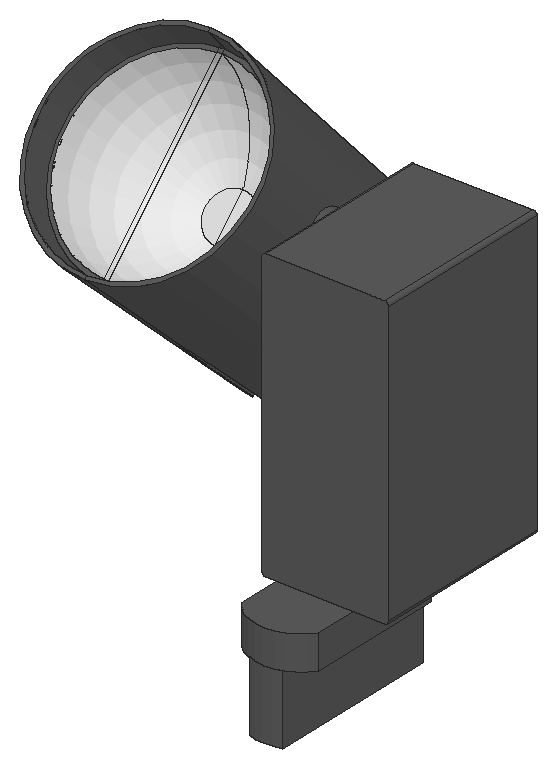
Revit family "0004895 Feilo Sylvania Lighting Fixture START TRACK SPOT S 14W 4K RA90 NB BLACK", category Lighting Fixtures, host Face, Revit 2017 (continued)
Definition of nested family "Start Track Spot Head"
  Types (96, lengths in mm): name | Wattage | built-in parameter 1150134 | Photometric Web File | Model | built-in parameter 1150105 | Lumens | built-in parameter 1150107 | built-in parameter 1150106 | HeadThickness_FEILO | HeadRibOffset_FEILO | HeadRibDepth_FEILO | HeadRibCutWidth_FEILO | HeadRibCutOffset_FEILO | HeadReflectorRadius_FEILO | HeadReflectorOffset_FEILO | HeadLEDRadius_FEILO | HeadHeight_FEILO | HeadDiffusorOffset_FEILO | HeadDiaOut_FEILO | HeadDiaIn_FEILO | HeadAxisFromTop_FEILO | Emit from Circle Diameter | built-in parameter 1150104 | Description | Apparent Load
    0004812 START TRACK SPOT S 14W 3K RA80 MB WHITE | 14 W | (empty or 0) | "0004812.ies" | "START TRACK SPOT S 14W 3K RA80 MB WHITE" | 120.32 (stored number, unit not read) | 1512 lm | 3000 (stored number, unit not read) | 1.2032 (stored number, unit not read) | 1.5 | 4.179 | 55.714 | 7.167 | 50.87 | 50.588 | 55.714 | 9.556 | 117 | 9.435 | 86 | 77.477 | 69.354 | 77.477 | 10.034 (stored number, unit not read) | "Integrated LED spotlight, Textured White - RAL9016, compact and minimalist design, ideal for retail applications, die-cast aluminium body, passive cooling heatsink. Beam angle: 36°, color temperature: 3000K , total system power: 14W, total fixture output: 1508 lm, LOR: 100%, colour rendering: Ra: 80 typical, LED Chromaticity: 3 step MacAdam ellipse, lifetime: >50000 hours at L70B50, energy class: A++, A+, A, IR/UV free light source without heat radiation, operating voltage: 220-240V / 50-60Hz, drive current: 350mA, electronic driver, non-dimmable, power factor: 0.92, electrical protection: Class II, Global Track 3 Phase adapter suitable for Global trac 3-circuit tracks, ingress protection rating: IP20, suitable for internal environment only, horizontal rotation: 355°, vertical tilt: 90°, dimensions: Ø86x140x200, weight: 0.940kg." | 14 VA
    0004811 START TRACK SPOT S 14W 3K RA80 NB WHITE | 14 W | (empty or 0) | "0004811.ies" | "START TRACK SPOT S 14W 3K RA80 NB WHITE" | 123.66 (stored number, unit not read) | 1554 lm | 3000 (stored number, unit not read) | 1.2366 (stored number, unit not read) | 1.5 | 4.179 | 55.714 | 7.167 | 50.87 | 50.588 | 55.714 | 9.556 | 117 | 9.435 | 86 | 77.477 | 69.354 | 77.477 | 10.312 (stored number, unit not read) | "Integrated LED spotlight, Textured White - RAL9016, compact and minimalist design, ideal for retail applications, die-cast aluminium body, passive cooling heatsink. Beam angle: 12°, color temperature: 3000K , total system power: 14W, total fixture output: 1551 lm, LOR: 100%, colour rendering: Ra: 80 typical, LED Chromaticity: 3 step MacAdam ellipse, lifetime: >50000 hours at L70B50, energy class: A++, A+, A, IR/UV free light source without heat radiation, operating voltage: 220-240V / 50-60Hz, drive current: 350mA, electronic driver, non-dimmable, power factor: 0.92, electrical protection: Class II, Global Track 3 Phase adapter suitable for Global trac 3-circuit tracks, ingress protection rating: IP20, suitable for internal environment only, horizontal rotation: 355°, vertical tilt: 90°, dimensions: Ø86x140x200, weight: 0.940kg." | 14 VA
  Reference planes
    plane 1 "Center (Front/Back)": y = 0
    plane 2: z = 0
    plane 3 "Center (Left/Right)": x = 0
    plane 4: x = 43
    plane 5: x = -43
    plane 6: x = -38.739
    plane 7: x = 38.739
    plane 8: z = 69.354
    plane 9: z = -47.646
    plane 10: x = -41.5
    plane 11: x = -37.239
    plane 12: z = -38.211
    plane 13: z = -35.211
    plane 14: z = 8.068
    plane 15: x = -9.556
    plane 16: x = -28.667
    plane 17: x = -19.111
    plane 18: x = -27.167
    plane 19: x = -17.611
    plane 20: x = -8.056
    plane 21: z = 13.64
    plane 22: x = -29.667
    plane 23: x = -26.167
    plane 24: x = -20.111
    plane 25: x = -16.611
    plane 26: x = -10.556
    plane 27: x = -7.056
    plane 28: x = -36.239
    plane 29: x = -40.5
    plane 30: z = 65.175
    plane 31: z = 60.997
    plane 32: z = 56.818
    plane 33: z = 18.484
    plane 34: y = -43
    plane 35: y = 43
    plane 36: y = 3.583
    plane 37: y = -3.583
    plane 38: y = -2.583
    plane 39: y = 2.583
    plane 40: y = 46
    plane 41: z = 13.5
    plane 42: z = -13.5
    plane 43: y = 39
    plane 44: x = 4.708
    plane 45: x = -2.458
    plane 46: x = -1.458
    plane 47: x = 1.458
  Forms (mm)
    Extrusion 1, solid
      sketch origin (4.2, 0, 0) x (1, 0, 0) y (0, 1, 0)
        loop
          line (-1219.2, 1219.2) -> (-1219.2, -1219.2) -> (1219.2, -1219.2) -> (1219.2, 1219.2) -> (-1219.2, 1219.2)
      from 0 to -68.017
    Revolve 2, solid, material <- "Material_1_FEILO", detail levels medium+fine
      sketch origin (0, 0, 0) x (1, 0, 0) y (0, 0, 1)
        loop
          line (-43, -47.646) -> (-41.5, -47.646) -> (-40.5, -35.211) -> (-38.739, -35.211)
          arc (-38.739, -35.211) -> (-30.16, -9.517) -> (-9.556, 8.068) r 50.588
          line (-9.556, 8.068) -> (0, 8.068) -> (0, 13.64) -> (-16.611, 13.64) -> (-17.611, 60.997) -> (-19.111, 60.997) -> (-20.111, 13.64) -> (-36.239, 13.64) -> (-37.239, 69.354) -> (-38.739, 69.354) -> (-43, -47.646)
        axis (0, 69.354) -> (0, -47.646)
      angle from 360 to 0
    Extrusion 3, void
      sketch origin (0, 0, 0) x (0, 1, 0) y (0, 0, 1)
        loop
          line (-3.583, 69.354) -> (-2.583, 18.484) -> (1.932, 18.484) -> (2.932, 69.354) -> (-3.583, 69.354)
      from 43 to -43
    Revolve 4, solid, material <- "Material_2_FEILO", detail levels medium+fine
      sketch origin (0, 0, 0) x (1, 0, 0) y (0, 0, 1)
        loop
          line (-41.5, -38.211) -> (0, -38.211) -> (0, -35.211) -> (-41.5, -35.211) -> (-41.5, -38.211)
        axis (0, -35.211) -> (0, -38.211)
      angle from 360 to 0
    Revolve 5, solid, material <- "Material_1_FEILO"
      sketch origin (0, 0, 0) x (0, 1, 0) y (0, 0, 1)
        loop
          line (46, 0) -> (39, 0) -> (39, -13.5) -> (46, -13.5) -> (46, 0)
        axis (39, 0) -> (46, 0)
      angle from 360 to 0
    Revolve 6, solid, material <- "Material_1_FEILO", detail levels medium+fine
      sketch origin (0, 0, 0) x (1, 0, 0) y (0, 0, 1)
        loop
          line (-29.667, 13.64) -> (-26.167, 13.64) -> (-27.167, 65.175) -> (-28.667, 65.175) -> (-29.667, 13.64)
        loop
          line (-10.556, 13.64) -> (-7.056, 13.64) -> (-7.833, 56.818) -> (-9.778, 56.818) -> (-10.556, 13.64)
        axis (0, 65.175) -> (0, 13.64)
      angle from 360 to 0
    Extrusion 7, void
      sketch origin (0, 0, 0) x (1, 0, 0) y (0, 0, 1)
        loop
          line (4.708, 69.354) -> (-2.458, 69.354) -> (-1.458, 13.64) -> (1.458, 13.64) -> (4.708, 69.354)
      from -43 to 43
    Revolve 8, solid, material <- "Material_1_FEILO", detail levels coarse
      sketch origin (0, 0, 0) x (1, 0, 0) y (0, 0, 1)
        loop
          line (0, 69.354) -> (-38.739, 69.354) -> (-43, -47.646) -> (-41.5, -47.646) -> (-40.731, -38.211) -> (0, -38.211) -> (0, 69.354)
        axis (0, 69.354) -> (0, -47.646)
      angle from 360 to 0
  Cuts and joins
    Extrusion 3 cuts Revolve 2
    Extrusion 7 cuts Revolve 6
  Dimensions and locks
    equal spacing: plane 7, plane 3 "Center (Left/Right)", plane 6
    equal spacing: plane 4, plane 3 "Center (Left/Right)", plane 5
    "HeadDiaOut_FEILO": plane 4 to plane 5
    "HeadDiaIn_FEILO": plane 7 to plane 6
    "HeadHeight_FEILO": plane 8 to plane 9
    "HeadThickness_FEILO": plane 10 to plane 5
    "HeadThickness_FEILO": plane 11 to plane 6
    "HeadDiffusorOffset_FEILO": plane 12 to plane 9
    "HeadDiffusorThickness_FEILO": plane 13 to plane 12
    "HeadReflectorOffset_FEILO": plane 14 to plane 9
    "HeadLEDRadius_FEILO": plane 3 "Center (Left/Right)" to plane 15
    "HeadLEDRadius_FEILO": plane 15 to plane 17
    "HeadLEDRadius_FEILO": plane 17 to plane 16
    "HeadThickness_FEILO": plane 18 to plane 16
    "HeadThickness_FEILO": plane 19 to plane 17
    "HeadThickness_FEILO": plane 20 to plane 15
    "HeadRibDepth_FEILO": plane 8 to plane 21
    "HeadDraft_FEILO": plane 16 to plane 22
    "HeadDraft_FEILO": plane 23 to plane 18
    "HeadDraft_FEILO": plane 17 to plane 24
    "HeadDraft_FEILO": plane 25 to plane 19
    "HeadDraft_FEILO": plane 15 to plane 26
    "HeadDraft_FEILO": plane 27 to plane 20
    "HeadDraft_FEILO": plane 29 to plane 10
    "HeadDraft_FEILO": plane 28 to plane 11
    "HeadRibOffset_FEILO": plane 8 to plane 30
    "HeadRibOffset_FEILO": plane 30 to plane 31
    "HeadRibOffset_FEILO": plane 31 to plane 32
    "HeadAxisFromTop_FEILO": plane 8 to plane 2
    "HeadRibCutOffset_FEILO": plane 8 to plane 33
    equal spacing: plane 34, plane 1 "Center (Front/Back)", plane 35
    "HeadDiaOut_FEILO": plane 34 to plane 35
    equal spacing: plane 38, plane 1 "Center (Front/Back)", plane 39
    equal spacing: plane 37, plane 1 "Center (Front/Back)", plane 36
    "HeadRibCutWidth_FEILO": plane 37 to plane 36
    "HeadDraft_FEILO": plane 37 to plane 38
    locked: plane 35 to plane 40 at 3
    equal spacing: plane 41, plane 2, plane 42
    locked: plane 42 to plane 41 at 27
    locked: plane 43 to plane 35 at 4
    equal spacing: plane 45, imposter light, plane 44
    "HeadDraft_FEILO": plane 46 to plane 45
    "HeadRibCutWidth_FEILO": plane 44 to plane 45
    equal spacing: plane 47, plane 3 "Center (Left/Right)", plane 46
    "HeadReflectorRadius_FEILO": radius of Revolve 2 sketch curve
    aligned and locked: plane 2 to Extrusion 1
    aligned and locked: level to Extrusion 1
    aligned and locked: Revolve 2 sketch curve to plane 3 "Center (Left/Right)"  (x2)
    aligned and locked: plane 9 to Revolve 2 sketch curve  (x2)
    aligned and locked: plane 5 to Revolve 2 sketch curve
    aligned and locked: plane 10 to Revolve 2 sketch curve
    aligned and locked: plane 14 to Revolve 2 sketch curve
    aligned and locked: plane 8 to Revolve 2 sketch curve
    aligned and locked: Revolve 2 sketch curve to plane 13
    aligned and locked: plane 12 to Revolve 4 sketch curve
    aligned and locked: plane 3 "Center (Left/Right)" to Revolve 4 sketch curve
    aligned and locked: Revolve 4 sketch curve to plane 10
    aligned and locked: Revolve 4 sketch curve to plane 3 "Center (Left/Right)"
    aligned and locked: plane 12 to imposter light
    aligned and locked: imposter light to plane 1 "Center (Front/Back)"
    aligned and locked: Revolve 5 sketch curve to plane 2
    aligned and locked: plane 43 to Revolve 5 sketch curve
    aligned and locked: plane 42 to Revolve 5 sketch curve
    aligned and locked: Revolve 6 sketch curve to plane 3 "Center (Left/Right)"
    aligned and locked: plane 22 to Revolve 6 sketch curve
    aligned and locked: plane 30 to Revolve 6 sketch curve
    aligned and locked: plane 23 to Revolve 6 sketch curve
    aligned and locked: Revolve 6 sketch curve to plane 21  (x2)
    aligned and locked: plane 21 to Revolve 6 sketch curve
    aligned and locked: plane 17 to Revolve 2 sketch curve
    aligned and locked: plane 19 to Revolve 2 sketch curve
    aligned and locked: plane 31 to Revolve 2 sketch curve
    aligned and locked: plane 21 to Revolve 2 sketch curve
    aligned and locked: Extrusion 3 to plane 8
    aligned and locked: plane 33 to Extrusion 3
    aligned and locked: plane 8 to Extrusion 3 sketch curve
    aligned and locked: Extrusion 3 sketch curve to plane 33
    aligned and locked: Extrusion 3 to plane 5
    aligned and locked: plane 4 to Extrusion 3
    aligned and locked: plane 32 to Revolve 6 sketch curve
    aligned and locked: plane 44 to Extrusion 7 sketch curve
    aligned and locked: Extrusion 7 sketch curve to plane 8
    aligned and locked: plane 46 to Extrusion 7 sketch curve
    aligned and locked: plane 21 to Extrusion 7 sketch curve
    aligned and locked: plane 34 to Extrusion 7
    aligned and locked: Extrusion 7 to plane 35
    aligned and locked: Revolve 4 sketch curve to plane 13
    aligned and locked: Revolve 5 sketch curve to plane 40
    aligned and locked: Revolve 8 sketch curve to plane 3 "Center (Left/Right)"
    aligned and locked: Revolve 8 sketch curve to cut or joined group of Revolve 2, Extrusion 3  (x3)
    aligned and locked: plane 5 to Revolve 8 sketch curve
    aligned and locked: plane 3 "Center (Left/Right)" to Revolve 8 sketch curve
    aligned and locked: plane 12 to Revolve 8 sketch curve
  Automatic sketch dimensions
    Extrusion 1 sketch curve to Extrusion 1 sketch curve = 2438.4 mm  (x2)
    Extrusion 3 sketch curve to plane 37 = 0 mm
    Extrusion 3 sketch curve to plane 38 = 0 mm
    plane 39 to Extrusion 3 sketch curve = 0.651 mm
    Extrusion 3 sketch curve to plane 39 = 0.349 mm
    Revolve 6 sketch curve to plane 16 = 0 mm
    Revolve 6 sketch curve to plane 18 = 0 mm
    Revolve 6 sketch curve to plane 26 = 0 mm
    Revolve 6 sketch curve to plane 27 = 0 mm
    Revolve 6 sketch curve to plane 15 = 0.222 mm
    plane 9 to Revolve 6 sketch curve = 559.103 mm
    Revolve 6 sketch curve to plane 8 = 2535.555 mm
    plane 20 to Revolve 6 sketch curve = 0.222 mm
    Revolve 2 sketch curve to plane 29 = 0 mm
    Revolve 2 sketch curve to plane 6 = 0 mm  (x2)
    Revolve 2 sketch curve to plane 11 = 0 mm
    Revolve 2 sketch curve to plane 21 = 0 mm
    Revolve 2 sketch curve to plane 28 = 0 mm
    Revolve 2 sketch curve to plane 24 = 0 mm
    Revolve 2 sketch curve to plane 25 = 0 mm
    Revolve 2 sketch curve to plane 15 = 0 mm
    Revolve 2 sketch curve to Revolve 2 sketch curve = 557.155 mm
    Revolve 2 sketch curve to plane 8 = 2535.558 mm
    Extrusion 7 sketch curve to plane 45 = 0 mm
    Extrusion 7 sketch curve to plane 47 = 0 mm
    plane 9 to Revolve 4 sketch curve = 559.103 mm
    Revolve 4 sketch curve to plane 8 = 2535.555 mm
    Revolve 5 sketch curve to level = 0 mm
    plane 34 to Revolve 5 sketch curve = 1968.092 mm
    Revolve 5 sketch curve to plane 40 = 1405.763 mm
    Revolve 8 sketch curve to plane 6 = 0 mm
    Revolve 8 sketch curve to plane 29 = 0.231 mm
    plane 9 to Revolve 8 sketch curve = 559.103 mm
    Revolve 8 sketch curve to Revolve 8 sketch curve = 2535.555 mm
Definition of nested family "Start Track Spot Box"
  Parameters (values of type "Type Large White")
    URL = "http://www.feilosylvania.com"
    Type Image = (empty or 0)
    Type Comments = "n/a"
    Small_FEILO = no
    Material_3_FEILO = none
    Model = ""
    Manufacturer = "Feilo Sylvania"
    Keynote = ""
    Material_2_FEILO = none
    Description = ""
    Default Elevation = 1219.2 mm
    Cost = 0
    Material_1_FEILO = none
    BoxWidth_FEILO = 49 mm
    BoxStartAngle_FEILO [instance] = 0.00°
    BoxRadius_FEILO = 1.5 mm
    BoxHeight_FEILO = if(Small_FEILO, 112 mm, 136 mm)  # 136 mm
    BoxEndAngle_FEILO [instance] = BoxStartAngle_FEILO - 180.00°  # -180.00°
    BoxDepth_FEILO = if(Small_FEILO, 71.5 mm, 79 mm)  # 79 mm
    BoxAxisVerticalOffset_FEILO = 16 mm
    BoxAxisOffset_FEILO = BoxHeight_FEILO / 6.8  # 20 mm
    Assembly Code = ""
    Material_4_FEILO = none
  Types (4, lengths in mm): name | Small_FEILO | BoxHeight_FEILO | BoxDepth_FEILO | BoxAxisOffset_FEILO
    Type Large White | no | 136 | 79 | 20
    Type Small White | yes | 112 | 71.5 | 16.471
    Type Small Black | yes | 112 | 71.5 | 16.471
    Type Large Black | no | 136 | 79 | 20
  Reference planes
    plane 1 "Center (Front/Back)": y = 0
    plane 2: z = 0
    plane 3 "Center (Left/Right)": x = 0
    plane 4: x = 24.5
    plane 5: x = -24.5
    plane 6: y = 68
    plane 7: y = -68
    plane 8: z = 39.5
    plane 9: z = -39.5
    plane 10: y = -48
    plane 11: x = 30.5
    plane 12: x = 8.5
    plane 13: x = 21.5
    plane 14: y = 70
    plane 15: y = 72
    plane 16: x = 19.5
  Forms (mm)
    Extrusion 1, solid
      sketch origin (4.2, 0, 0) x (1, 0, 0) y (0, 1, 0)
        loop
          line (-1219.2, 1219.2) -> (-1219.2, -1219.2) -> (1219.2, -1219.2) -> (1219.2, 1219.2) -> (-1219.2, 1219.2)
      from 0 to -68.017
    Extrusion 2, solid, material <- "Material_1_FEILO"
      sketch origin (0, 0, 0) x (1, 0, 0) y (0, 1, 0)
        loop
          arc (-23, 68) -> (-24.061, 67.561) -> (-24.5, 66.5) r 1.5
          line (-24.5, 66.5) -> (-24.5, -66.5)
          arc (-24.5, -66.5) -> (-24.061, -67.561) -> (-23, -68) r 1.5
          line (-23, -68) -> (23, -68)
          arc (23, -68) -> (24.061, -67.561) -> (24.5, -66.5) r 1.5
          line (24.5, -66.5) -> (24.5, 66.5)
          arc (24.5, 66.5) -> (24.061, 67.561) -> (23, 68) r 1.5
          line (23, 68) -> (-23, 68)
      from -39.5 to 39.5
    Revolve 3, solid, not visible
      sketch origin (0, 0, 0) x (1, 0, 0) y (0, 1, 0)
        loop
          line (30.5, -48) -> (24.5, -48) -> (24.5, -68) -> (30.5, -68) -> (30.5, -48)
        axis (30.5, -48) -> (24.5, -48)
      angle from 0 <- "BoxStartAngle_FEILO" to -180 <- "BoxEndAngle_FEILO"
    Revolve 4, solid, material <- "Material_2_FEILO"
      sketch origin (0, 0, 0) x (1, 0, 0) y (0, 1, 0)
        loop
          line (8.5, 68) -> (19.5, 68) -> (19.5, 70) -> (21.5, 70) -> (21.5, 72) -> (8.5, 72) -> (8.5, 68)
        axis (8.5, 72) -> (8.5, 68)
      angle from 360 to 0
  Dimensions and locks
    equal spacing: plane 5, plane 3 "Center (Left/Right)", plane 4
    "BoxWidth_FEILO": plane 5 to plane 4
    equal spacing: plane 7, plane 1 "Center (Front/Back)", plane 6
    "BoxHeight_FEILO": plane 7 to plane 6
    equal spacing: plane 8, plane 2, plane 9
    "BoxDepth_FEILO": plane 8 to plane 9
    "BoxAxisOffset_FEILO": plane 7 to plane 10
    locked: plane 4 to plane 11 at 6
    "BoxAxisVerticalOffset_FEILO": plane 12 to plane 4
    locked: plane 12 to plane 13 at 13
    plane 6 to plane 14 to plane 15 = 2 mm locked, 2 mm locked
    locked: plane 12 to plane 16 at 11
    "BoxRadius_FEILO": radius of Extrusion 2 sketch curve  (x4)
    aligned and locked: plane 2 to Extrusion 1
    aligned and locked: level to Extrusion 1
    aligned and locked: plane 6 to Extrusion 2 sketch curve
    aligned and locked: plane 5 to Extrusion 2 sketch curve
    aligned and locked: Extrusion 2 sketch curve to plane 7
    aligned and locked: Extrusion 2 sketch curve to plane 4
    aligned and locked: Extrusion 2 to plane 8
    aligned and locked: plane 9 to Extrusion 2
    aligned and locked: Revolve 3 sketch curve to plane 10  (x2)
    aligned and locked: plane 11 to Revolve 3 sketch curve
    aligned and locked: Revolve 3 sketch curve to plane 4
    aligned and locked: plane 7 to Revolve 3 sketch curve
    aligned and locked: Revolve 4 sketch curve to plane 12
    aligned and locked: plane 6 to Revolve 4 sketch curve
    aligned and locked: plane 12 to Revolve 4 sketch curve
    aligned and locked: plane 15 to Revolve 4 sketch curve
    aligned and locked: Revolve 4 sketch curve to plane 13
    aligned and locked: Revolve 4 sketch curve to plane 14
    aligned and locked: Revolve 4 sketch curve to plane 16
    aligned and locked: Revolve 4 sketch curve to plane 6
  Automatic sketch dimensions
    Extrusion 1 sketch curve to Extrusion 1 sketch curve = 2438.4 mm  (x2)
    Revolve 3 sketch curve to plane 5 = 1499.5 mm
    plane 11 to Revolve 3 sketch curve = 1493.5 mm
    plane 15 to Revolve 4 sketch curve = 0 mm
    plane 7 to Revolve 4 sketch curve = 1456 mm
    Revolve 4 sketch curve to plane 15 = 1452 mm
